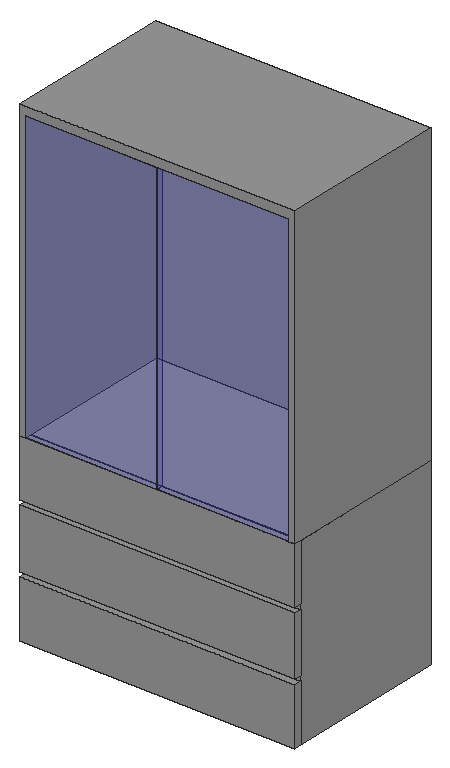
Revit family "АВЛН_Шкаф вытяжной", category Мебель, Revit 2019
Family settings
  Номер OmniClass = 23.40.20.00
  Заголовок OmniClass = General Furniture and Specialties
  На основе рабочей плоскости = Нет
  Всегда вертикально = Да
  При загрузке вырезать с полостями = Нет
  Общий = Нет
  Точка расчета площади = Нет
Parameters (values of type "Шкаф вытяжной")
  Описание = "Шкаф вытяжной; 1200х740х2100; Э1Ф; 3,0кВт\r\nTop lab, подъёмный экран – стекло, покрытое\r\nударопрочной плёнкой Патрубок для подключения к\r\nвентиляции диаметром 200 мм. Взрывозащищённая\r\nэлектрика: светильник, выключатель. В нижней\r\nтумбе 2 двери, 2 полки. Вытяжка осуществляется с\r\nуровня столешницы, из рабо\r\nчей зоны, из нижней тумбы.\r\nДоп.комплектация - вентиляторный блок"
  Type Comments = ""
  Keynote = ""
  Manufacturer = ""
  Группа модели = "Оборудование основных помещений школы"
  Высота нижней полки = 800 mm
  ADSK_Размер_Ширина = 740 mm
  ADSK_Размер_Длина = 1200 mm
  ADSK_Размер_Высота = 2100 mm
  ADSK_Обозначение = ""
  ADSK_Масса = 0
  ADSK_Код изделия = ""
  ADSK_Единица измерения = "шт"  # constant formula
Reference planes
  plane 1 "По центру (Вперед/Назад)": y = 0
  plane 2: z = 0
  plane 3 "По центру (Влево/Вправо)": x = 0
  plane 4: z = 2100
  plane 5: y = 370
  plane 6: x = 600
  plane 7: x = -600
  plane 8: y = -370
  plane 9: z = 800
Forms (mm)
  Extrusion 1, solid, material "Металл, окрашенный, белый, матовый"
    sketch origin (0, -518.993, 592.976) x (-1, 0, 0) y (0, -1, 0)
      loop
        line (600, -888.993) -> (600, -178.993) -> (-600, -178.993) -> (-600, -888.993) -> (600, -888.993)
    from -592.976 to 207.024
  Extrusion 2, solid, material "Металл, окрашенный, белый, матовый"
    sketch origin (0, -518.993, 592.976) x (-1, 0, 0) y (0, -1, 0)
      loop
        line (600, -888.993) -> (600, -148.993) -> (575, -148.993) -> (575, -863.993) -> (-575, -863.993) -> (-575, -148.993) -> (-600, -148.993) -> (-600, -888.993) -> (600, -888.993)
    from 207.024 to 1507.024
  Extrusion 3, solid, material "Металл, окрашенный, белый, матовый"
    sketch origin (0, 0, 0) x (1, 0, 0) y (0, 0, 1)
      loop
        line (600, 800) -> (-600, 800) -> (-600, 550) -> (600, 550) -> (600, 800)
      loop
        line (600, 0) -> (600, 250) -> (-600, 250) -> (-600, 0) -> (600, 0)
      loop
        line (600, 530) -> (-600, 530) -> (-600, 270) -> (600, 270) -> (600, 530)
    from 340 to 370
  Extrusion 4, solid, material "Стекло"
    sketch origin (0, -518.993, 592.976) x (-1, 0, 0) y (0, -1, 0)
      loop
        line (575, -148.993) -> (1, -148.993) -> (1, -178.993) -> (575, -178.993) -> (575, -148.993)
      loop
        line (-575, -148.993) -> (-575, -178.993) -> (-1, -178.993) -> (-1, -148.993) -> (-575, -148.993)
    from 207.024 to 1467.024
  Extrusion 5, solid, material "Металл, окрашенный, белый, матовый"
    sketch origin (0, -518.993, 572.976) x (-1, 0, 0) y (0, -1, 0)
      loop
        line (575, -863.993) -> (575, -148.993) -> (-575, -148.993) -> (-575, -863.993) -> (575, -863.993)
    from 1487.024 to 1527.024
Cuts and joins
  joined: Extrusion 2, Extrusion 5
Lines and regions (mm)
  symbolic lines, style "FurnitureHiddenLines"
    curve 1: line (-550, 320, 592.976) -> (550, 320, 592.976)
    curve 2: line (-550, -320, 592.976) -> (-550, 320, 592.976)
    curve 3: line (550, -320, 592.976) -> (-550, -320, 592.976)
    curve 4: line (550, 320, 592.976) -> (550, -320, 592.976)
  symbolic lines
    curve 5: line (-550, -320, 592.976) -> (550, 320, 592.976)
    curve 6: line (550, -320, 592.976) -> (-550, 320, 592.976)
Dimensions and locks
  plane 2 to plane 4 = 2100 mm
  equal spacing: plane 8, plane 1 "По центру (Вперед/Назад)", plane 5
  equal spacing: plane 7, plane 3 "По центру (Влево/Вправо)", plane 6
  "ADSK_Размер_Длина": plane 7 to plane 6
  "ADSK_Размер_Ширина": plane 5 to plane 8
  "ADSK_Размер_Высота": plane 2 to plane 4
  "Высота нижней полки": level to plane 9
  locked: Extrusion 2 sketch curve to plane 6 at 25
  locked: plane 7 to Extrusion 2 sketch curve at 25
  locked: plane 5 to Extrusion 2 sketch curve at 25
  locked: Extrusion 1 sketch curve to plane 8 at 30
  Extrusion 3 sketch curve to Extrusion 3 sketch curve to plane 9 = 20 mm locked, 250 mm locked
  level to Extrusion 3 sketch curve to Extrusion 3 sketch curve = 250 mm locked, 20 mm locked
  locked: Extrusion 4 sketch curve to plane 3 "По центру (Влево/Вправо)" at 1
  locked: plane 3 "По центру (Влево/Вправо)" to Extrusion 4 sketch curve at 1
  locked: Extrusion 4 to plane 4 at 40
  locked: Extrusion 5 to plane 4 at 40
  locked: plane 7 to curve 2 at 50
  locked: curve 4 to plane 6 at 50
  locked: curve 3 to plane 8 at 50
  locked: plane 5 to curve 1 at 50
  aligned and locked: level to plane 2
  aligned and locked: Extrusion 1 sketch curve to plane 5
  aligned and locked: plane 7 to Extrusion 1 sketch curve
  aligned and locked: Extrusion 1 sketch curve to plane 6
  aligned and locked: plane 9 to Extrusion 1
  aligned and locked: Extrusion 1 to level
  aligned and locked: Extrusion 2 sketch curve to plane 5
  aligned and locked: plane 7 to Extrusion 2 sketch curve
  aligned and locked: plane 8 to Extrusion 2 sketch curve
  aligned and locked: Extrusion 2 sketch curve to plane 6
  aligned and locked: Extrusion 2 to plane 4
  aligned and locked: Extrusion 2 to plane 9
  aligned and locked: plane 9 to Extrusion 3 sketch curve
  aligned and locked: plane 6 to Extrusion 3 sketch curve  (x2)
  aligned and locked: Extrusion 3 sketch curve to plane 7  (x2)
  aligned and locked: level to Extrusion 3 sketch curve
  aligned and locked: Extrusion 3 sketch curve to plane 6
  aligned and locked: plane 7 to Extrusion 3 sketch curve
  aligned and locked: Extrusion 3 to plane 8
  aligned and locked: Extrusion 3 to Extrusion 1
  aligned and locked: Extrusion 2 to Extrusion 4 sketch curve  (x2)
  aligned and locked: Extrusion 4 sketch curve to Extrusion 2  (x2)
  aligned and locked: Extrusion 4 sketch curve to Extrusion 1
  aligned and locked: Extrusion 1 to Extrusion 4 sketch curve
  aligned and locked: Extrusion 4 to plane 9
  aligned and locked: Extrusion 5 sketch curve to Extrusion 2  (x4)
  aligned and locked: Extrusion 5 to plane 4
Automatic sketch dimensions
  Extrusion 2 sketch curve to plane 8 = 0 mm
